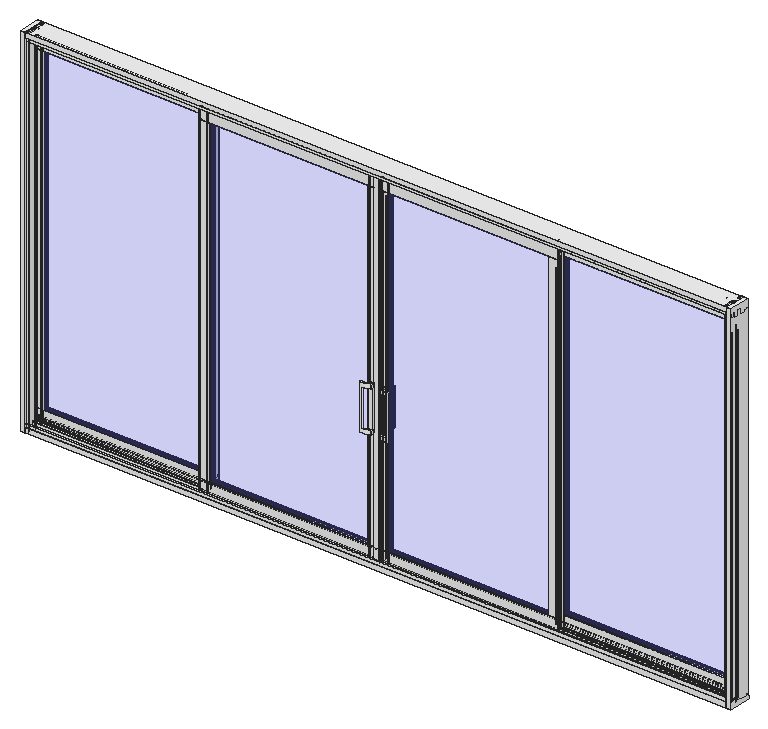
Revit family "Patio-Door_Victorian_OXYO-Double-Glaze-rev3_Novatech", category Doors, host Wall, Revit 2026 (continued)
Definition of nested family "NOVATECH VICTORIAN_OXYO DOUBLE GLAZE REV3_SASH_O_LEFT"
  Definition of nested family "NOVATECH_650_3 LIGHT_OXO_SASH_X_RIGHT"
    Forms (in)
      Extrusion 1, solid, material <- "Frame Material"
        sketch origin (0, 0, 0) x (1, 0, 0) y (0, 1, 0)
          loop
            line (1.595, 2.375) -> (1.3625, 2.375) -> (1.3625, 2.31) -> (1.4325, 2.31) -> (1.4325, 2.1) -> (1.3625, 2.1) -> (1.3625, 2.035) -> (1.4325, 2.035) -> (1.4325, 1.75) -> (0.1925, 1.75) -> (0.1925, 2.035) -> (0.2625, 2.035) -> (0.2625, 2.1) -> (0.1925, 2.1) -> (0.1925, 2.31) -> (0.2625, 2.31) -> (0.2625, 2.375) -> (0.03, 2.375)
            arc (0.03, 2.375) -> (0.00879, 2.36621) -> (0, 2.345) r 0.03
            line (0, 2.345) -> (0, 0.075)
            arc (0, 0.075) -> (0.02197, 0.02197) -> (0.075, 0) r 0.075
            line (0.075, 0) -> (0.1875, 0)
        from 0 to 79.5
    Dimensions and locks (in)
      "Length": plane 4 to level
      aligned and locked: plane 2 to level
      aligned and locked: Extrusion 1 to level
      aligned and locked: plane 4 to Extrusion 1
    Automatic sketch dimensions
      Extrusion 1 sketch curve to Extrusion 1 sketch curve = 0"  (x12)
      Extrusion 1 sketch curve to plane 3 "Center (Left/Right)" = 0"
      Extrusion 1 sketch curve to Extrusion 1 sketch curve = 0.03"  (x2)
      Extrusion 1 sketch curve to Extrusion 1 sketch curve = 0.075"  (x2)
      Extrusion 1 sketch curve to Extrusion 1 sketch curve = 0.005"  (x2)
      Extrusion 1 sketch curve to Extrusion 1 sketch curve = 0.02101"
      Extrusion 1 sketch curve to Extrusion 1 sketch curve = 0.09295"
      Extrusion 1 sketch curve to Extrusion 1 sketch curve = 0.01455"  (x2)
      Extrusion 1 sketch curve to Extrusion 1 sketch curve = 0.1625"  (x2)
      Extrusion 1 sketch curve to Extrusion 1 sketch curve = 0.07"  (x3)
      Extrusion 1 sketch curve to Extrusion 1 sketch curve = 1.1"
      Extrusion 1 sketch curve to Extrusion 1 sketch curve = 1 1/4"
      Extrusion 1 sketch curve to Extrusion 1 sketch curve = 0.01846"
      Extrusion 1 sketch curve to Extrusion 1 sketch curve = 0.06033"
      Extrusion 1 sketch curve to Extrusion 1 sketch curve = 0.07357"
      Extrusion 1 sketch curve to Extrusion 1 sketch curve = 0.01547"  (x2)
      Extrusion 1 sketch curve to Extrusion 1 sketch curve = 0.13217"
      Extrusion 1 sketch curve to Extrusion 1 sketch curve = 0.32761"
      Extrusion 1 sketch curve to Extrusion 1 sketch curve = 0.01489"
      Extrusion 1 sketch curve to Extrusion 1 sketch curve = 0.02381"
      Extrusion 1 sketch curve to Extrusion 1 sketch curve = 0.02467"
      Extrusion 1 sketch curve to Extrusion 1 sketch curve = 0.4475"
      Extrusion 1 sketch curve to Extrusion 1 sketch curve = 0.05514"
      Extrusion 1 sketch curve to Extrusion 1 sketch curve = 0.065"  (x3)
      Extrusion 1 sketch curve to Extrusion 1 sketch curve = 0.01271"
      Extrusion 1 sketch curve to Extrusion 1 sketch curve = 0.01499"
      Extrusion 1 sketch curve to Extrusion 1 sketch curve = 0.05119"
      Extrusion 1 sketch curve to Extrusion 1 sketch curve = 0.05033"
      Extrusion 1 sketch curve to Extrusion 1 sketch curve = 0.04989"
      Extrusion 1 sketch curve to Extrusion 1 sketch curve = 0.17584"
      Extrusion 1 sketch curve to Extrusion 1 sketch curve = 0.0325"  (x2)
      Extrusion 1 sketch curve to Extrusion 1 sketch curve = 0.45868"
      Extrusion 1 sketch curve to Extrusion 1 sketch curve = 0.00045"
      Extrusion 1 sketch curve to Extrusion 1 sketch curve = 0.00626"
      Extrusion 1 sketch curve to Extrusion 1 sketch curve = 0.00837"
      Extrusion 1 sketch curve to Extrusion 1 sketch curve = 0.15209"
      Extrusion 1 sketch curve to Extrusion 1 sketch curve = 0.0089"
      Extrusion 1 sketch curve to Extrusion 1 sketch curve = 1/128"
      Extrusion 1 sketch curve to Extrusion 1 sketch curve = 0.01808"
      Extrusion 1 sketch curve to Extrusion 1 sketch curve = 0.07733"
      Extrusion 1 sketch curve to Extrusion 1 sketch curve = 0.15371"
      Extrusion 1 sketch curve to Extrusion 1 sketch curve = 0.16941"
      Extrusion 1 sketch curve to Extrusion 1 sketch curve = 0.03248"
      Extrusion 1 sketch curve to Extrusion 1 sketch curve = 0.29903"
      Extrusion 1 sketch curve to Extrusion 1 sketch curve = 0.17245"
      Extrusion 1 sketch curve to Extrusion 1 sketch curve = 0.05549"
      Extrusion 1 sketch curve to Extrusion 1 sketch curve = 0.00062"
      Extrusion 1 sketch curve to Extrusion 1 sketch curve = 0.23466"
      Extrusion 1 sketch curve to Extrusion 1 sketch curve = 0.285"  (x2)
      Extrusion 1 sketch curve to Extrusion 1 sketch curve = 0.21"  (x2)
      Extrusion 1 sketch curve to Extrusion 1 sketch curve = 0.035"  (x2)
      Extrusion 1 sketch curve to Extrusion 1 sketch curve = 0.05951"
      plane 1 "Center (Front/Back)" to Extrusion 1 sketch curve = 0"
Definition of nested family "NOVATECH VICTORIAN_OXYO DOUBLE GLAZE REV3_SASH_O_RIGHT"
  Parameters (values of type "SASH_O_RIGHT")
    Width = 34.62305"
    Panel Material = none
    Height = 91 3/4"
    Frame Material = none
    Default Elevation = 0"
  Reference planes (in)
    plane 1 "Center (Front/Back)": y = 0
    plane 2: z = 0
    plane 3 "Center (Left/Right)": x = 0
    plane 4: x = 17.31152
    plane 5: x = -17.31152
    plane 6: z = 91.75
    plane 7: y = 0.8125
  Forms (in)
    Extrusion 1, solid, material <- "Panel Material"
      sketch origin (53.05518, -3.44347, -6.62158) x (1, 0, 0) y (0, 1, 0)
        loop
          line (-69.8042, 4.71972) -> (-69.8042, 3.79222) -> (-37.36866, 3.79222) -> (-37.36866, 4.71972) -> (-69.8042, 4.71972)
      from 9.10158 to 95.89158
  Dimensions and locks (in)
    "Height": plane 6 to level
    "Width": plane 4 to plane 5
    equal spacing: plane 4, plane 3 "Center (Left/Right)", plane 5
    level to plane 2 = 0"
    locked: plane 6 to Extrusion 1 at 2.48
    locked: Extrusion 1 to level at 2.48
    locked: Extrusion 1 to plane 4 at 1.625
    locked: plane 5 to Extrusion 1 at 0.5625
    locked: nested 3 to plane 5 at 1.0625
    locked: nested 2 to plane 5 at 1.0625
    locked: Extrusion 1 sketch curve to Extrusion 1 sketch curve at 0.9275
    locked: Extrusion 1 to plane 1 "Center (Front/Back)" at 0.34875
    aligned and locked: level to nested 1
    aligned and locked: nested 1 to plane 1 "Center (Front/Back)"
    aligned and locked: nested 1 to plane 4
    aligned and locked: nested 2 to plane 1 "Center (Front/Back)"
    aligned and locked: level to nested 2
    aligned and locked: plane 6 to nested 3
    aligned and locked: plane 1 "Center (Front/Back)" to nested 3
    aligned and locked: plane 4 to nested 3
    aligned and locked: plane 4 to nested 2
    aligned and locked: level to nested 4
    aligned and locked: nested 4 to plane 1 "Center (Front/Back)"
    aligned and locked: plane 5 to nested 4
    aligned and locked: nested 4 to plane 6
    aligned and locked: nested 1 to plane 6
  Automatic sketch dimensions
    plane 5 to Extrusion 1 sketch curve = 9/16"
    Extrusion 1 sketch curve to plane 7 = 0.46375"
    Extrusion 1 sketch curve to plane 4 = 1 5/8"
  Nested families (in)
    nested 1: "NOVATECH_650_3 LIGHT_OXO_SASH_O_RIGHT1" at (17.31152, 1.625, 4.05469) x (0, -1, 0) z (0, 0, 1), type "O_RIGHT"
      with Length 91 3/4"
    nested 2: "NOVATECH_650_3 LIGHT_OXO_SASH_O_SILL1" at (17.31152, 1.625, 0) x (-1, 0, 0) z (0, 0, 1), type "O SILL"
      with built-in parameter 1001306 2.9738 (stored number, unit not read)
    nested 3: "NOVATECH_650_3 LIGHT_OXO_SASH_O_HEADER1" at (-18.37402, 1.625, 88.625), type "O_HEADER"
      with built-in parameter 1001306 2.9738 (stored number, unit not read)
    nested 4: "NOVATECH_650_3 LIGHT_OXO_SASH_O_LEFT" at (-18.49902, 1.625, -6) x (0, 1, 0) z (0, 0, 1), type "O LEFT"
      with Length 91 3/4"
  Definition of nested family "NOVATECH_650_3 LIGHT_OXO_SASH_O_RIGHT1"
    Parameters (values of type "O_RIGHT")
      Length [instance] = 96"
      Frame Material = none
      Default Elevation = 0"
    Reference planes (in)
      plane 1 "Center (Front/Back)": y = 0
      plane 2: z = -4.05469
      plane 3 "Center (Left/Right)": x = 0
      plane 4: z = 91.94531
      plane 5: y = 1
    Forms (in)
      Extrusion 1, solid, material <- "Frame Material"
        sketch origin (0, 0, 0) x (1, 0, 0) y (0, 1, 0)
          loop
            line (0, 2.22) -> (0, 0.125)
            arc (0, 0.125) -> (0.03661, 0.03661) -> (0.125, 0) r 0.125
            line (0.125, 0) -> (1.5, 0)
            arc (1.5, 0) -> (1.58839, 0.03661) -> (1.625, 0.125) r 0.125
            line (1.625, 0.125) -> (1.625, 2.22)
            arc (1.625, 2.22) -> (1.61621, 2.24121) -> (1.595, 2.25) r 0.03
            line (1.595, 2.25) -> (1.3625, 2.25) -> (1.3625, 2.185) -> (1.4325, 2.185) -> (1.4325, 1.975) -> (1.3625, 1.975) -> (1.3625, 1.91) -> (1.4325, 1.91) -> (1.4325, 1.625) -> (0.1925, 1.625) -> (0.1925, 1.91) -> (0.2625, 1.91) -> (0.2625, 1.975) -> (0.1925, 1.975) -> (0.1925, 2.185) -> (0.2625, 2.185) -> (0.2625, 2.25) -> (0.03, 2.25)
            arc (0.03, 2.25) -> (0.00879, 2.24121) -> (0, 2.22) r 0.03
        from -4.05469 to 91.94531
    Dimensions and locks (in)
      "Length": plane 4 to plane 2
      aligned and locked: plane 4 to Extrusion 1
      aligned and locked: Extrusion 1 to plane 2
    Automatic sketch dimensions
      plane 1 "Center (Front/Back)" to Extrusion 1 sketch curve = 0"
      Extrusion 1 sketch curve to plane 1 "Center (Front/Back)" = 1/8"  (x2)
      Extrusion 1 sketch curve to plane 3 "Center (Left/Right)" = 0"
      Extrusion 1 sketch curve to Extrusion 1 sketch curve = 0.03"  (x2)
      Extrusion 1 sketch curve to Extrusion 1 sketch curve = 0.1625"
      Extrusion 1 sketch curve to Extrusion 1 sketch curve = 0"  (x3)
      Extrusion 1 sketch curve to Extrusion 1 sketch curve = 0.07"  (x3)
      plane 3 "Center (Left/Right)" to Extrusion 1 sketch curve = 1.3625"
      plane 3 "Center (Left/Right)" to Extrusion 1 sketch curve = 1 1/2"
      Extrusion 1 sketch curve to Extrusion 1 sketch curve = 0.285"  (x2)
      Extrusion 1 sketch curve to Extrusion 1 sketch curve = 0.065"  (x2)
      Extrusion 1 sketch curve to Extrusion 1 sketch curve = 0.21"  (x2)
      Extrusion 1 sketch curve to Extrusion 1 sketch curve = 0.035"  (x2)
      Extrusion 1 sketch curve to Extrusion 1 sketch curve = 1 1/2"
  Definition of nested family "NOVATECH_650_3 LIGHT_OXO_SASH_O_SILL1"
    Parameters (values of type "O SILL")
      built-in parameter 1001306 [instance] = 48"
      Frame Material = none
      Default Elevation = 0"
    Reference planes (in)
      plane 1 "Center (Front/Back)": y = 0
      plane 2: z = 0
      plane 3 "Left": x = 0
      plane 4 "Right": x = 48
    Forms (in)
      Extrusion 1, solid, material <- "Frame Material"
        sketch origin (0, -0.42731, -0.73603) x (0, 1, 0) y (0, 0, 1)
          loop
            line (-0.02019, 2.49503) -> (0.05907, 0.98275)
            arc (0.05907, 0.98275) -> (0.09079, 0.96514) -> (0.10981, 0.99603) r 0.02625
            arc (0.10981, 0.99603) -> (0.13481, 1.01461) -> (0.15981, 0.99603) r 0.02611
            line (0.15981, 0.99603) -> (0.15981, 0.81603)
            arc (0.15981, 0.81603) -> (0.12901, 0.7991) -> (0.10981, 0.82853) r 0.02584
            arc (0.10981, 0.82853) -> (0.08481, 0.84667) -> (0.05981, 0.82853) r 0.0263
            line (0.05981, 0.82853) -> (0.05981, 0.73603) -> (0.39731, 0.73603)
            arc (0.39731, 0.73603) -> (0.41852, 0.74482) -> (0.42731, 0.76603) r 0.03
            line (0.42731, 0.76603) -> (0.42731, 3.83103)
            arc (0.42731, 3.83103) -> (0.41852, 3.85225) -> (0.39731, 3.86103) r 0.03
            line (0.39731, 3.86103) -> (0.15981, 3.86103) -> (0.15981, 3.79603) -> (0.18481, 3.77103) -> (0.18481, 3.62603) -> (0.15981, 3.60103) -> (0.15981, 3.54603) -> (0.18481, 3.52103) -> (0.18481, 3.14103) -> (0.07856, 3.14103) -> (0.07856, 3.21603) -> (0.01356, 3.21603) -> (0.01356, 3.14103) -> (-0.35269, 3.14103) -> (-0.35269, 3.21603) -> (-0.41769, 3.21603) -> (-0.41769, 3.14103) -> (-0.78394, 3.14103) -> (-0.78394, 3.21603) -> (-0.84894, 3.21603) -> (-0.84894, 3.14103) -> (-0.95519, 3.14103) -> (-0.95519, 3.52103) -> (-0.93019, 3.54603) -> (-0.93019, 3.60103) -> (-0.95519, 3.62603) -> (-0.95519, 3.77103) -> (-0.93019, 3.79603) -> (-0.93019, 3.86103) -> (-1.16769, 3.86103)
            arc (-1.16769, 3.86103) -> (-1.1889, 3.85225) -> (-1.19769, 3.83103) r 0.03
            line (-1.19769, 3.83103) -> (-1.19769, 0.76603)
            arc (-1.19769, 0.76603) -> (-1.1889, 0.74482) -> (-1.16769, 0.73603) r 0.03
            line (-1.16769, 0.73603) -> (-0.83019, 0.73603) -> (-0.83019, 0.82853)
            arc (-0.83019, 0.82853) -> (-0.85519, 0.84667) -> (-0.88019, 0.82853) r 0.0263
            arc (-0.88019, 0.82853) -> (-0.89939, 0.7991) -> (-0.93019, 0.81603) r 0.02584
            line (-0.93019, 0.81603) -> (-0.93019, 0.99603)
            arc (-0.93019, 0.99603) -> (-0.90519, 1.01461) -> (-0.88019, 0.99603) r 0.02611
            arc (-0.88019, 0.99603) -> (-0.86117, 0.96514) -> (-0.82944, 0.98275) r 0.02625
            line (-0.82944, 0.98275) -> (-0.75019, 2.49503) -> (-0.75019, 2.75103) -> (-0.02019, 2.75103) -> (-0.02019, 2.49503)
          loop
            arc (-1.17509, 0.71158) -> (-1.23166, 0.68815) -> (-1.25509, 0.63158) r 0.08
            line (-1.25509, 0.63158) -> (-1.25509, 0.06332) -> (-1.18509, 0.06332) -> (-1.18509, 0.20848) -> (0.39491, -0.01358) -> (0.39491, -0.16492) -> (0.50991, -0.16492) -> (0.50991, -0.10188) -> (0.46491, -0.09556) -> (0.46491, 0.63158)
            arc (0.46491, 0.63158) -> (0.44148, 0.68815) -> (0.38491, 0.71158) r 0.08
            line (0.38491, 0.71158) -> (0.03055, 0.71158) -> (-0.01286, 1.23376)
            arc (-0.01286, 1.23376) -> (-0.03771, 1.24936) -> (-0.06256, 1.23376) r 0.02759
            arc (-0.06256, 1.23376) -> (-0.06447, 1.21696) -> (-0.07643, 1.20502) r 0.0256
            line (-0.07643, 1.20502) -> (-0.12759, 1.20502)
            arc (-0.12759, 1.20502) -> (-0.14373, 1.22589) -> (-0.12759, 1.24676) r 0.02157
            arc (-0.12759, 1.24676) -> (-0.11094, 1.2683) -> (-0.12759, 1.28984) r 0.02225
            arc (-0.12759, 1.28984) -> (-0.14334, 1.31021) -> (-0.12759, 1.33058) r 0.02105
            arc (-0.12759, 1.33058) -> (-0.11081, 1.35228) -> (-0.12759, 1.37399) r 0.02243
            arc (-0.12759, 1.37399) -> (-0.14811, 1.3945) -> (-0.12759, 1.41502) r 0.02052
            line (-0.12759, 1.41502) -> (-0.07781, 1.41502)
            arc (-0.07781, 1.41502) -> (-0.06215, 1.40572) -> (-0.06281, 1.38752) r 0.01784
            arc (-0.06281, 1.38752) -> (-0.03781, 1.37001) -> (-0.01281, 1.38752) r 0.0266
            line (-0.01281, 1.38752) -> (-0.01281, 1.45502)
            arc (-0.01281, 1.45502) -> (-0.0216, 1.47623) -> (-0.04281, 1.48502) r 0.03
            line (-0.04281, 1.48502) -> (-0.18259, 1.48502)
            arc (-0.18259, 1.48502) -> (-0.20381, 1.47623) -> (-0.21259, 1.45502) r 0.03
            line (-0.21259, 1.45502) -> (-0.21259, 1.23502) -> (-0.56259, 1.23502) -> (-0.56259, 1.45502)
            arc (-0.56259, 1.45502) -> (-0.57138, 1.47623) -> (-0.59259, 1.48502) r 0.03
            line (-0.59259, 1.48502) -> (-0.73238, 1.48502)
            arc (-0.73238, 1.48502) -> (-0.75359, 1.47623) -> (-0.76238, 1.45502) r 0.03
            line (-0.76238, 1.45502) -> (-0.76238, 1.38752)
            arc (-0.76238, 1.38752) -> (-0.73738, 1.37001) -> (-0.71238, 1.38752) r 0.0266
            arc (-0.71238, 1.38752) -> (-0.71304, 1.40572) -> (-0.69738, 1.41502) r 0.01784
            line (-0.69738, 1.41502) -> (-0.64759, 1.41502)
            arc (-0.64759, 1.41502) -> (-0.62708, 1.3945) -> (-0.64759, 1.37399) r 0.02052
            arc (-0.64759, 1.37399) -> (-0.66438, 1.35228) -> (-0.64759, 1.33058) r 0.02243
            arc (-0.64759, 1.33058) -> (-0.63184, 1.31021) -> (-0.64759, 1.28984) r 0.02105
            arc (-0.64759, 1.28984) -> (-0.66425, 1.2683) -> (-0.64759, 1.24676) r 0.02225
            arc (-0.64759, 1.24676) -> (-0.63145, 1.22589) -> (-0.64759, 1.20502) r 0.02157
            line (-0.64759, 1.20502) -> (-0.69875, 1.20502)
            arc (-0.69875, 1.20502) -> (-0.71072, 1.21696) -> (-0.71263, 1.23376) r 0.0256
            arc (-0.71263, 1.23376) -> (-0.73748, 1.24936) -> (-0.76233, 1.23376) r 0.02759
            line (-0.76233, 1.23376) -> (-0.80565, 0.7126) -> (-1.1725, 0.7126)
        from 0 to 48
    Lines and regions (in)
      reference lines
        curve 1: line (0, 0.91091, 0) -> (48, 0.91091, 0)
    Dimensions and locks (in)
      "built-in parameter 1001306": plane 3 "Left" to plane 4 "Right"
      aligned and locked: plane 4 "Right" to curve 1
      aligned and locked: plane 3 "Left" to curve 1
      aligned and locked: level to plane 2
      aligned and locked: Extrusion 1 to plane 3 "Left"
      aligned and locked: plane 4 "Right" to Extrusion 1
    Automatic sketch dimensions
      curve 1 to plane 1 "Center (Front/Back)" = 0.91091"
      plane 1 "Center (Front/Back)" to Extrusion 1 sketch curve = 1.6824"
      Extrusion 1 sketch curve to Extrusion 1 sketch curve = 0.0574"
      Extrusion 1 sketch curve to Extrusion 1 sketch curve = 0.07"
      Extrusion 1 sketch curve to Extrusion 1 sketch curve = 0.08"  (x4)
      Extrusion 1 sketch curve to Extrusion 1 sketch curve = 0.03"  (x8)
      Extrusion 1 sketch curve to Extrusion 1 sketch curve = 0.2125"  (x2)
      Extrusion 1 sketch curve to Extrusion 1 sketch curve = 0"  (x7)
      Extrusion 1 sketch curve to Extrusion 1 sketch curve = 0.025"  (x14)
      Extrusion 1 sketch curve to Extrusion 1 sketch curve = 0.2375"
      Extrusion 1 sketch curve to Extrusion 1 sketch curve = 0.02453"  (x2)
      Extrusion 1 sketch curve to Extrusion 1 sketch curve = 0.05047"  (x2)
      Extrusion 1 sketch curve to Extrusion 1 sketch curve = 0.05067"  (x2)
      Extrusion 1 sketch curve to Extrusion 1 sketch curve = 0.10625"
      Extrusion 1 sketch curve to Extrusion 1 sketch curve = 0.02507"  (x2)
      Extrusion 1 sketch curve to Extrusion 1 sketch curve = 0.02454"
      Extrusion 1 sketch curve to Extrusion 1 sketch curve = 0.065"  (x3)
      Extrusion 1 sketch curve to Extrusion 1 sketch curve = 0.09214"
      Extrusion 1 sketch curve to Extrusion 1 sketch curve = 0.00005"
      Extrusion 1 sketch curve to Extrusion 1 sketch curve = 0.03375"
      Extrusion 1 sketch curve to Extrusion 1 sketch curve = 0.02485"  (x2)
      Extrusion 1 sketch curve to Extrusion 1 sketch curve = 0.03872"  (x2)
      Extrusion 1 sketch curve to Extrusion 1 sketch curve = 0.04"  (x4)
      Extrusion 1 sketch curve to Extrusion 1 sketch curve = 0.01109"  (x2)
      Extrusion 1 sketch curve to Extrusion 1 sketch curve = 0.03464"  (x2)
      Extrusion 1 sketch curve to Extrusion 1 sketch curve = 0.00013"
      Extrusion 1 sketch curve to Extrusion 1 sketch curve = 0.04978"  (x2)
      Extrusion 1 sketch curve to Extrusion 1 sketch curve = 0.00543"  (x2)
      Extrusion 1 sketch curve to Extrusion 1 sketch curve = 0.0109"  (x2)
      Extrusion 1 sketch curve to Extrusion 1 sketch curve = 0.00564"  (x2)
      Extrusion 1 sketch curve to Extrusion 1 sketch curve = 0.055"  (x3)
      Extrusion 1 sketch curve to Extrusion 1 sketch curve = 0.36625"  (x2)
      Extrusion 1 sketch curve to Extrusion 1 sketch curve = 0.35"
      Extrusion 1 sketch curve to Extrusion 1 sketch curve = 0.04936"
      Extrusion 1 sketch curve to Extrusion 1 sketch curve = 0.00004"
      Extrusion 1 sketch curve to Extrusion 1 sketch curve = 0.0056"
      Extrusion 1 sketch curve to Extrusion 1 sketch curve = 0.035"
      Extrusion 1 sketch curve to Extrusion 1 sketch curve = 0.3325"
      Extrusion 1 sketch curve to Extrusion 1 sketch curve = 0.10698"
      Extrusion 1 sketch curve to Extrusion 1 sketch curve = 0.09677"
      Extrusion 1 sketch curve to Extrusion 1 sketch curve = 0.02926"
      Extrusion 1 sketch curve to Extrusion 1 sketch curve = 0.08125"
      Extrusion 1 sketch curve to Extrusion 1 sketch curve = 0.2251"
      Extrusion 1 sketch curve to Extrusion 1 sketch curve = 0.01"
      Extrusion 1 sketch curve to Extrusion 1 sketch curve = 0.0124"
      Extrusion 1 sketch curve to Extrusion 1 sketch curve = 0.045"
      Extrusion 1 sketch curve to level = 0.90095"
      Extrusion 1 sketch curve to Extrusion 1 sketch curve = 0.06304"
      Extrusion 1 sketch curve to Extrusion 1 sketch curve = 0.00632"
      Extrusion 1 sketch curve to Extrusion 1 sketch curve = 0.08198"
      Extrusion 1 sketch curve to level = 0.67271"
      Extrusion 1 sketch curve to Extrusion 1 sketch curve = 0.14516"
      Extrusion 1 sketch curve to Extrusion 1 sketch curve = 0.4231"
      Extrusion 1 sketch curve to Extrusion 1 sketch curve = 0.64516"
      Extrusion 1 sketch curve to Extrusion 1 sketch curve = 0.00102"
      Extrusion 1 sketch curve to Extrusion 1 sketch curve = 0.02445"
      Extrusion 1 sketch curve to Extrusion 1 sketch curve = 3/128"
      Extrusion 1 sketch curve to Extrusion 1 sketch curve = 0.00434"  (x2)
      Extrusion 1 sketch curve to Extrusion 1 sketch curve = 0.00813"  (x2)
      Extrusion 1 sketch curve to Extrusion 1 sketch curve = 0.00816"  (x2)
      Extrusion 1 sketch curve to Extrusion 1 sketch curve = 0.15421"  (x2)
      Extrusion 1 sketch curve to Extrusion 1 sketch curve = 0.00575"  (x2)
      Extrusion 1 sketch curve to Extrusion 1 sketch curve = 0.00779"  (x2)
      Extrusion 1 sketch curve to Extrusion 1 sketch curve = 0.00753"  (x2)
      Extrusion 1 sketch curve to Extrusion 1 sketch curve = 0.22227"  (x2)
      Extrusion 1 sketch curve to Extrusion 1 sketch curve = 0.01675"  (x2)
      Extrusion 1 sketch curve to Extrusion 1 sketch curve = 0.02087"  (x2)
      Extrusion 1 sketch curve to Extrusion 1 sketch curve = 0.02308"  (x2)
      Extrusion 1 sketch curve to Extrusion 1 sketch curve = 0.01199"  (x2)
      Extrusion 1 sketch curve to Extrusion 1 sketch curve = 0.04241"  (x2)
      Extrusion 1 sketch curve to Extrusion 1 sketch curve = 0.04191"  (x2)
      Extrusion 1 sketch curve to Extrusion 1 sketch curve = 0.04207"  (x2)
      Extrusion 1 sketch curve to Extrusion 1 sketch curve = 0.03524"  (x2)
      Extrusion 1 sketch curve to Extrusion 1 sketch curve = 0.04222"  (x2)
      Extrusion 1 sketch curve to Extrusion 1 sketch curve = 0.0091"  (x2)
      Extrusion 1 sketch curve to Extrusion 1 sketch curve = 0.00056"  (x2)
      Extrusion 1 sketch curve to Extrusion 1 sketch curve = 0.02052"  (x2)
      Extrusion 1 sketch curve to Extrusion 1 sketch curve = 1.01001"
      Extrusion 1 sketch curve to Extrusion 1 sketch curve = 0.25601"
      Extrusion 1 sketch curve to Extrusion 1 sketch curve = 0.39"  (x2)
      Extrusion 1 sketch curve to Extrusion 1 sketch curve = 0.075"  (x3)
      Extrusion 1 sketch curve to Extrusion 1 sketch curve = 0.305"  (x2)
      Extrusion 1 sketch curve to Extrusion 1 sketch curve = 0.145"  (x2)
      Extrusion 1 sketch curve to Extrusion 1 sketch curve = 0.06"  (x2)
      Extrusion 1 sketch curve to Extrusion 1 sketch curve = 0.0026"
      Extrusion 1 sketch curve to Extrusion 1 sketch curve = 0.0053"  (x2)
  Definition of nested family "NOVATECH_650_3 LIGHT_OXO_SASH_O_HEADER1"
    Parameters (values of type "O_HEADER")
      built-in parameter 1001306 [instance] = 54"
      Frame Material = none
      Default Elevation = 0"
    Reference planes (in)
      plane 1 "Center (Front/Back)": y = 0
      plane 2: z = 0
      plane 3 "Left": x = 0
      plane 4 "Right": x = 54
      plane 5: z = 3.125
    Forms (in)
      Extrusion 1, solid, material <- "Frame Material"
        sketch origin (0, 0, 0) x (0, 1, 0) y (0, 0, 1)
          loop
            arc (0, 3.095) -> (-0.00879, 3.11621) -> (-0.03, 3.125) r 0.03
            line (-0.03, 3.125) -> (-0.3675, 3.125) -> (-0.3675, 3.0325)
            arc (-0.3675, 3.0325) -> (-0.33671, 3.01561) -> (-0.3175, 3.045) r 0.02585
            arc (-0.3175, 3.045) -> (-0.2925, 3.06323) -> (-0.2675, 3.045) r 0.02626
            line (-0.2675, 3.045) -> (-0.2675, 2.865)
            arc (-0.2675, 2.865) -> (-0.2925, 2.84807) -> (-0.3175, 2.865) r 0.02693
            arc (-0.3175, 2.865) -> (-0.3372, 2.89332) -> (-0.36824, 2.87829) r 0.02655
            line (-0.36824, 2.87829) -> (-0.4475, 1.36601) -> (-0.4475, 1.11) -> (-1.1775, 1.11) -> (-1.1775, 1.36601) -> (-1.25676, 2.87829)
            arc (-1.25676, 2.87829) -> (-1.2878, 2.89332) -> (-1.3075, 2.865) r 0.02655
            arc (-1.3075, 2.865) -> (-1.3325, 2.84807) -> (-1.3575, 2.865) r 0.02693
            line (-1.3575, 2.865) -> (-1.3575, 3.045)
            arc (-1.3575, 3.045) -> (-1.3325, 3.06323) -> (-1.3075, 3.045) r 0.02626
            arc (-1.3075, 3.045) -> (-1.28829, 3.01561) -> (-1.2575, 3.0325) r 0.02585
            line (-1.2575, 3.0325) -> (-1.2575, 3.125) -> (-1.595, 3.125)
            arc (-1.595, 3.125) -> (-1.61621, 3.11621) -> (-1.625, 3.095) r 0.03
            line (-1.625, 3.095) -> (-1.625, 0.03)
            arc (-1.625, 0.03) -> (-1.61621, 0.00879) -> (-1.595, 0) r 0.03
            line (-1.595, 0) -> (-1.3575, 0) -> (-1.3575, 0.065) -> (-1.3825, 0.09) -> (-1.3825, 0.235) -> (-1.3575, 0.26) -> (-1.3575, 0.315) -> (-1.3825, 0.34) -> (-1.3825, 0.72) -> (-1.27625, 0.72) -> (-1.27625, 0.645) -> (-1.21125, 0.645) -> (-1.21125, 0.72) -> (-0.845, 0.72) -> (-0.845, 0.645) -> (-0.78, 0.645) -> (-0.78, 0.72) -> (-0.41375, 0.72) -> (-0.41375, 0.645) -> (-0.34875, 0.645) -> (-0.34875, 0.72) -> (-0.2425, 0.72) -> (-0.2425, 0.34) -> (-0.2675, 0.315) -> (-0.2675, 0.26) -> (-0.2425, 0.235) -> (-0.2425, 0.09) -> (-0.2675, 0.065) -> (-0.2675, 0) -> (-0.03, 0)
            arc (-0.03, 0) -> (-0.00879, 0.00879) -> (0, 0.03) r 0.03
            line (0, 0.03) -> (0, 3.095)
        from 0 to 54
    Lines and regions (in)
      reference lines
        curve 1: line (0, 0, 0) -> (54, 0, 0)
    Dimensions and locks (in)
      "built-in parameter 1001306": plane 3 "Left" to plane 4 "Right"
      aligned and locked: plane 4 "Right" to curve 1
      aligned and locked: plane 1 "Center (Front/Back)" to curve 1
      aligned and locked: plane 3 "Left" to curve 1
      aligned and locked: level to plane 2
      aligned and locked: Extrusion 1 to curve 1
      aligned and locked: Extrusion 1 to plane 3 "Left"
    Automatic sketch dimensions
      plane 1 "Center (Front/Back)" to Extrusion 1 sketch curve = 1 5/8"
      Extrusion 1 sketch curve to Extrusion 1 sketch curve = 0.03"  (x3)
      Extrusion 1 sketch curve to Extrusion 1 sketch curve = 0.2125"  (x2)
      Extrusion 1 sketch curve to Extrusion 1 sketch curve = 0"  (x3)
      Extrusion 1 sketch curve to Extrusion 1 sketch curve = 0.025"  (x12)
      Extrusion 1 sketch curve to Extrusion 1 sketch curve = 0.2375"  (x2)
      Extrusion 1 sketch curve to Extrusion 1 sketch curve = 0.05048"  (x2)
      Extrusion 1 sketch curve to Extrusion 1 sketch curve = 0.05142"  (x2)
      Extrusion 1 sketch curve to Extrusion 1 sketch curve = 0.10625"  (x2)
      Extrusion 1 sketch curve to Extrusion 1 sketch curve = 0.02452"  (x2)
      Extrusion 1 sketch curve to Extrusion 1 sketch curve = 0.02432"  (x2)
      Extrusion 1 sketch curve to Extrusion 1 sketch curve = 0.065"  (x3)
      Extrusion 1 sketch curve to Extrusion 1 sketch curve = 0.03375"
      Extrusion 1 sketch curve to Extrusion 1 sketch curve = 0.36625"  (x2)
      Extrusion 1 sketch curve to Extrusion 1 sketch curve = 0.3325"
      Extrusion 1 sketch curve to Extrusion 1 sketch curve = 0.88851"
      Extrusion 1 sketch curve to Extrusion 1 sketch curve = 0.00074"
      Extrusion 1 sketch curve to Extrusion 1 sketch curve = 0.08125"
      Extrusion 1 sketch curve to Extrusion 1 sketch curve = 0.06"
      Extrusion 1 sketch curve to Extrusion 1 sketch curve = 0.035"
      Extrusion 1 sketch curve to Extrusion 1 sketch curve = 0.145"  (x2)
      Extrusion 1 sketch curve to Extrusion 1 sketch curve = 0.08"
      Extrusion 1 sketch curve to Extrusion 1 sketch curve = 0.055"
      Extrusion 1 sketch curve to Extrusion 1 sketch curve = 0.465"
      Extrusion 1 sketch curve to Extrusion 1 sketch curve = 0.305"  (x2)
      Extrusion 1 sketch curve to Extrusion 1 sketch curve = 0.075"  (x4)
      Extrusion 1 sketch curve to Extrusion 1 sketch curve = 0.01329"  (x2)
      Extrusion 1 sketch curve to Extrusion 1 sketch curve = 0.00263"
      Extrusion 1 sketch curve to Extrusion 1 sketch curve = 0.01066"  (x2)
      Extrusion 1 sketch curve to Extrusion 1 sketch curve = 0.01"  (x2)
      Extrusion 1 sketch curve to Extrusion 1 sketch curve = 0.15421"  (x2)
      Extrusion 1 sketch curve to Extrusion 1 sketch curve = 0.00447"  (x2)
      Extrusion 1 sketch curve to Extrusion 1 sketch curve = 0.00818"  (x2)
      Extrusion 1 sketch curve to Extrusion 1 sketch curve = 0.00803"  (x2)
      Extrusion 1 sketch curve to Extrusion 1 sketch curve = 0.05"  (x2)
      Extrusion 1 sketch curve to level = 0"  (x2)
      Extrusion 1 sketch curve to Extrusion 1 sketch curve = 0.25601"  (x2)
      Extrusion 1 sketch curve to Extrusion 1 sketch curve = 1.49899"
  Definition of nested family "NOVATECH_650_3 LIGHT_OXO_SASH_O_LEFT"
    Parameters (values of type "O LEFT")
      Length [instance] = 91 121/128"
      Frame Material = none
      Default Elevation = 0"
    Reference planes (in)
      plane 1 "Center (Front/Back)": y = 0
      plane 2: z = 6
      plane 3 "Center (Left/Right)": x = 0
      plane 4: z = 97.94531
      plane 5: y = 1.1875
    Forms (in)
      Extrusion 1, solid, material <- "Frame Material"
        sketch origin (0, 0, 0) x (1, 0, 0) y (0, 1, 0)
          loop
            line (-0.1875, 0) -> (-0.075, 0)
            arc (-0.075, 0) -> (-0.02197, 0.02197) -> (0, 0.075) r 0.075
            line (0, 0.075) -> (0, 2.345)
            arc (0, 2.345) -> (-0.00879, 2.36621) -> (-0.03, 2.375) r 0.03
            line (-0.03, 2.375) -> (-0.2625, 2.375) -> (-0.2625, 2.31) -> (-0.1925, 2.31) -> (-0.1925, 2.1) -> (-0.2625, 2.1) -> (-0.2625, 2.035) -> (-0.1925, 2.035) -> (-0.1925, 1.75) -> (-1.4325, 1.75) -> (-1.4325, 2.035) -> (-1.3625, 2.035) -> (-1.3625, 2.1) -> (-1.4325, 2.1) -> (-1.4325, 2.31) -> (-1.3625, 2.31) -> (-1.3625, 2.375) -> (-1.595, 2.375)
            arc (-1.595, 2.375) -> (-1.61621, 2.36621) -> (-1.625, 2.345) r 0.03
            line (-1.625, 2.345) -> (-1.625, 0.79) -> (-1.95261, 0.79) -> (-1.95261, 0.94371)
            arc (-1.95261, 0.94371) -> (-1.94334, 1.05262) -> (-1.90863, 1.15627) r 0.46005
            arc (-1.90863, 1.15627) -> (-1.89427, 1.35056) -> (-1.99821, 1.51534) r 0.31129
            arc (-1.99821, 1.51534) -> (-2.01443, 1.5172) -> (-2.02274, 1.50316) r 0.015
            line (-2.02274, 1.50316) -> (-2.02046, 1.44767)
            arc (-2.02046, 1.44767) -> (-1.95467, 1.32289) -> (-1.96814, 1.18247) r 0.24629
            arc (-1.96814, 1.18247) -> (-2.0034, 1.08185) -> (-2.01761, 0.97618) r 0.52505
            line (-2.01761, 0.97618) -> (-2.01761, 0.79) -> (-2.0675, 0.79) -> (-2.0675, 0.69459)
            arc (-2.0675, 0.69459) -> (-2.04077, 0.68186) -> (-2.01563, 0.6975) r 0.03085
            arc (-2.01563, 0.6975) -> (-1.99821, 0.72757) -> (-1.9675, 0.7113) r 0.02505
            line (-1.9675, 0.7113) -> (-1.9675, 0.53368)
            arc (-1.9675, 0.53368) -> (-1.99659, 0.51487) -> (-2.0175, 0.5425) r 0.02545
            arc (-2.0175, 0.5425) -> (-2.0425, 0.5605) -> (-2.0675, 0.5425) r 0.02636
            line (-2.0675, 0.5425) -> (-2.0675, 0.075)
            arc (-2.0675, 0.075) -> (-2.04553, 0.02197) -> (-1.9925, 0) r 0.075
            line (-1.9925, 0) -> (-1.4375, 0)
            arc (-1.4375, 0) -> (-1.41858, 0.0325) -> (-1.4375, 0.065) r 0.03738
            line (-1.4375, 0.065) -> (-1.545, 0.065)
            arc (-1.545, 0.065) -> (-1.56328, 0.095) -> (-1.545, 0.125) r 0.03375
            line (-1.545, 0.125) -> (-0.08, 0.125)
            arc (-0.08, 0.125) -> (-0.062, 0.095) -> (-0.08, 0.065) r 0.034
            line (-0.08, 0.065) -> (-0.1875, 0.065)
            arc (-0.1875, 0.065) -> (-0.20856, 0.0325) -> (-0.1875, 0) r 0.03561
        from 6 to 97.94531
    Dimensions and locks (in)
      "Length": plane 4 to plane 2
      aligned and locked: plane 4 to Extrusion 1
      aligned and locked: Extrusion 1 to plane 2
      aligned and locked: Extrusion 1 to plane 4
    Automatic sketch dimensions
      Extrusion 1 sketch curve to Extrusion 1 sketch curve = 0"  (x13)
      plane 1 "Center (Front/Back)" to Extrusion 1 sketch curve = 0"  (x2)
      Extrusion 1 sketch curve to plane 3 "Center (Left/Right)" = 2.1963"
      Extrusion 1 sketch curve to plane 1 "Center (Front/Back)" = 0.075"
      Extrusion 1 sketch curve to Extrusion 1 sketch curve = 0.1288"
      Extrusion 1 sketch curve to Extrusion 1 sketch curve = 0.025"  (x2)
      Extrusion 1 sketch curve to Extrusion 1 sketch curve = 0.17356"
      Extrusion 1 sketch curve to Extrusion 1 sketch curve = 0.00228"
      Extrusion 1 sketch curve to Extrusion 1 sketch curve = 0.04989"
      Extrusion 1 sketch curve to Extrusion 1 sketch curve = 0.01499"
      Extrusion 1 sketch curve to Extrusion 1 sketch curve = 0.05033"
      Extrusion 1 sketch curve to Extrusion 1 sketch curve = 0.05119"
      Extrusion 1 sketch curve to Extrusion 1 sketch curve = 0.02467"
      Extrusion 1 sketch curve to Extrusion 1 sketch curve = 0.065"  (x3)
      Extrusion 1 sketch curve to Extrusion 1 sketch curve = 0.32761"
      Extrusion 1 sketch curve to Extrusion 1 sketch curve = 0.03"  (x3)
      Extrusion 1 sketch curve to plane 1 "Center (Front/Back)" = 0.065"  (x2)
      Extrusion 1 sketch curve to Extrusion 1 sketch curve = 0.4475"
      Extrusion 1 sketch curve to Extrusion 1 sketch curve = 0.01547"
      Extrusion 1 sketch curve to Extrusion 1 sketch curve = 0.13217"
      Extrusion 1 sketch curve to Extrusion 1 sketch curve = 0.08904"
      Extrusion 1 sketch curve to Extrusion 1 sketch curve = 0.01846"  (x2)
      Extrusion 1 sketch curve to Extrusion 1 sketch curve = 0.1625"  (x2)
      Extrusion 1 sketch curve to Extrusion 1 sketch curve = 0.07"  (x3)
      Extrusion 1 sketch curve to Extrusion 1 sketch curve = 1.1"
      Extrusion 1 sketch curve to Extrusion 1 sketch curve = 1 1/4"
      Extrusion 1 sketch curve to Extrusion 1 sketch curve = 0.01455"
      Extrusion 1 sketch curve to Extrusion 1 sketch curve = 0.09149"
      Extrusion 1 sketch curve to Extrusion 1 sketch curve = 0.01601"  (x2)
      Extrusion 1 sketch curve to Extrusion 1 sketch curve = 0.005"
      Extrusion 1 sketch curve to Extrusion 1 sketch curve = 0.45868"
      Extrusion 1 sketch curve to Extrusion 1 sketch curve = 0.00045"
      Extrusion 1 sketch curve to Extrusion 1 sketch curve = 0.00626"
      Extrusion 1 sketch curve to Extrusion 1 sketch curve = 0.00837"
      Extrusion 1 sketch curve to Extrusion 1 sketch curve = 0.15209"
      Extrusion 1 sketch curve to Extrusion 1 sketch curve = 0.0089"
      Extrusion 1 sketch curve to Extrusion 1 sketch curve = 1/128"
      Extrusion 1 sketch curve to Extrusion 1 sketch curve = 0.01808"
      Extrusion 1 sketch curve to Extrusion 1 sketch curve = 0.07733"
      Extrusion 1 sketch curve to Extrusion 1 sketch curve = 0.15371"
      Extrusion 1 sketch curve to Extrusion 1 sketch curve = 0.16941"
      Extrusion 1 sketch curve to Extrusion 1 sketch curve = 0.03248"
      Extrusion 1 sketch curve to Extrusion 1 sketch curve = 0.00062"
      Extrusion 1 sketch curve to Extrusion 1 sketch curve = 0.285"  (x2)
      Extrusion 1 sketch curve to Extrusion 1 sketch curve = 0.21"  (x2)
      Extrusion 1 sketch curve to Extrusion 1 sketch curve = 0.035"  (x2)
      Extrusion 1 sketch curve to Extrusion 1 sketch curve = 0.29903"
      Extrusion 1 sketch curve to Extrusion 1 sketch curve = 0.17245"
      Extrusion 1 sketch curve to Extrusion 1 sketch curve = 0.05549"
      Extrusion 1 sketch curve to Extrusion 1 sketch curve = 0.23466"
Definition of nested family "NOVATECH VICTORIAN_OXYO DOUBLE GLAZE REV3_SASH_X_RIGHT"
  Parameters (values of type "SASH_O_RIGHT")
    Width = 35.0293"
    Panel Material = none
    Height = 91 3/4"
    Frame Material = none
    Default Elevation = 0"
  Reference planes (in)
    plane 1 "Center (Front/Back)": y = 0
    plane 2: z = 0
    plane 3 "Center (Left/Right)": x = 0
    plane 4: x = 17.29785
    plane 5: x = -17.29785
    plane 6: z = 91.75
    plane 7: y = 0.8125
    plane 8: x = 17.73145
  Forms (in)
    Extrusion 1, solid, material <- "Panel Material"
      sketch origin (53.05518, -3.44347, -6.62158) x (1, 0, 0) y (0, 1, 0)
        loop
          line (-69.79053, 4.71972) -> (-69.79053, 3.79222) -> (-37.38233, 3.79222) -> (-37.38233, 4.71972) -> (-69.79053, 4.71972)
      from 9.10158 to 95.89158
  Dimensions and locks (in)
    "Height": plane 6 to level
    "Width": plane 8 to plane 5
    equal spacing: plane 4, plane 3 "Center (Left/Right)", plane 5
    level to plane 2 = 0"
    locked: plane 6 to Extrusion 1 at 2.48
    locked: Extrusion 1 to level at 2.48
    locked: Extrusion 1 to plane 4 at 1.625
    locked: plane 5 to Extrusion 1 at 0.5625
    locked: nested 3 to plane 5 at 1.0625
    locked: nested 2 to plane 5 at 1.0625
    locked: Extrusion 1 sketch curve to Extrusion 1 sketch curve at 0.9275
    locked: Extrusion 1 to plane 1 "Center (Front/Back)" at 0.34875
    locked: plane 4 to plane 8 at 0.43359
    aligned and locked: level to nested 1
    aligned and locked: nested 1 to plane 1 "Center (Front/Back)"
    aligned and locked: nested 1 to plane 4
    aligned and locked: plane 6 to nested 3
    aligned and locked: plane 1 "Center (Front/Back)" to nested 3
    aligned and locked: plane 4 to nested 3
    aligned and locked: plane 4 to nested 2
    aligned and locked: level to nested 4
    aligned and locked: nested 4 to plane 1 "Center (Front/Back)"
    aligned and locked: plane 5 to nested 4
    aligned and locked: nested 4 to plane 6
    aligned and locked: nested 1 to plane 6
    aligned and locked: level to nested 2
    aligned and locked: nested 2 to plane 1 "Center (Front/Back)"
  Automatic sketch dimensions
    plane 5 to Extrusion 1 sketch curve = 9/16"
    Extrusion 1 sketch curve to plane 7 = 0.46375"
    Extrusion 1 sketch curve to plane 4 = 1 5/8"
  Nested families (in)
    nested 1: "NOVATECH_650_3 LIGHT_OXO_SASH_O_RIGHT1" at (17.29785, 1.625, 4.05469) x (0, -1, 0) z (0, 0, 1), type "O_RIGHT"
      with Length 91 3/4"
    nested 2: "NOVATECH_650_3 LIGHT_OXO_SASH_X_SILL" at (17.29785, 1.625, 0) x (-1, 0, 0) z (0, 0, 1), type "X_SILL"
      with built-in parameter 1001306 2.9715 (stored number, unit not read)
    nested 3: "NOVATECH_650_3 LIGHT_OXO_SASH_O_HEADER1" at (-18.36035, 1.625, 88.625), type "O_HEADER"
      with built-in parameter 1001306 2.9715 (stored number, unit not read)
    nested 4: "NOVATECH_650_3 LIGHT_OXO_SASH_O_LEFT" at (-18.48535, 1.625, -6) x (0, 1, 0) z (0, 0, 1), type "O LEFT"
      with Length 91 3/4"
  Definition of nested family "NOVATECH_650_3 LIGHT_OXO_SASH_O_RIGHT1"
    Parameters (values of type "O_RIGHT")
      Length [instance] = 96"
      Frame Material = none
      Default Elevation = 0"
    Reference planes (in)
      plane 1 "Center (Front/Back)": y = 0
      plane 2: z = -4.05469
      plane 3 "Center (Left/Right)": x = 0
      plane 4: z = 91.94531
      plane 5: y = 1
    Forms (in)
      Extrusion 1, solid, material <- "Frame Material"
        sketch origin (0, 0, 0) x (1, 0, 0) y (0, 1, 0)
          loop
            line (0, 2.22) -> (0, 0.125)
            arc (0, 0.125) -> (0.03661, 0.03661) -> (0.125, 0) r 0.125
            line (0.125, 0) -> (1.5, 0)
            arc (1.5, 0) -> (1.58839, 0.03661) -> (1.625, 0.125) r 0.125
            line (1.625, 0.125) -> (1.625, 2.22)
            arc (1.625, 2.22) -> (1.61621, 2.24121) -> (1.595, 2.25) r 0.03
            line (1.595, 2.25) -> (1.3625, 2.25) -> (1.3625, 2.185) -> (1.4325, 2.185) -> (1.4325, 1.975) -> (1.3625, 1.975) -> (1.3625, 1.91) -> (1.4325, 1.91) -> (1.4325, 1.625) -> (0.1925, 1.625) -> (0.1925, 1.91) -> (0.2625, 1.91) -> (0.2625, 1.975) -> (0.1925, 1.975) -> (0.1925, 2.185) -> (0.2625, 2.185) -> (0.2625, 2.25) -> (0.03, 2.25)
            arc (0.03, 2.25) -> (0.00879, 2.24121) -> (0, 2.22) r 0.03
        from -4.05469 to 91.94531
    Dimensions and locks (in)
      "Length": plane 4 to plane 2
      aligned and locked: plane 4 to Extrusion 1
      aligned and locked: Extrusion 1 to plane 2
    Automatic sketch dimensions
      plane 1 "Center (Front/Back)" to Extrusion 1 sketch curve = 0"
      Extrusion 1 sketch curve to plane 1 "Center (Front/Back)" = 1/8"  (x2)
      Extrusion 1 sketch curve to plane 3 "Center (Left/Right)" = 0"
      Extrusion 1 sketch curve to Extrusion 1 sketch curve = 0.03"  (x2)
      Extrusion 1 sketch curve to Extrusion 1 sketch curve = 0.1625"
      Extrusion 1 sketch curve to Extrusion 1 sketch curve = 0"  (x3)
      Extrusion 1 sketch curve to Extrusion 1 sketch curve = 0.07"  (x3)
      plane 3 "Center (Left/Right)" to Extrusion 1 sketch curve = 1.3625"
      plane 3 "Center (Left/Right)" to Extrusion 1 sketch curve = 1 1/2"
      Extrusion 1 sketch curve to Extrusion 1 sketch curve = 0.285"  (x2)
      Extrusion 1 sketch curve to Extrusion 1 sketch curve = 0.065"  (x2)
      Extrusion 1 sketch curve to Extrusion 1 sketch curve = 0.21"  (x2)
      Extrusion 1 sketch curve to Extrusion 1 sketch curve = 0.035"  (x2)
      Extrusion 1 sketch curve to Extrusion 1 sketch curve = 1 1/2"
  Definition of nested family "NOVATECH_650_3 LIGHT_OXO_SASH_X_SILL"
    Parameters (values of type "X_SILL")
      built-in parameter 1001306 [instance] = 54"
      Frame Material = none
      Default Elevation = 0"
    Reference planes (in)
      plane 1 "Center (Front/Back)": y = 0
      plane 2: z = 0
      plane 3 "Left": x = 0
      plane 4 "Right": x = 54
    Forms (in)
      Extrusion 1, solid, material <- "Frame Material"
        sketch origin (0, 0, 0) x (0, 1, 0) y (0, 0, 1)
          loop
            line (-1.625, 0) -> (-1.2575, 0) -> (-1.2575, 0.0925)
            arc (-1.2575, 0.0925) -> (-1.2825, 0.10976) -> (-1.3075, 0.0925) r 0.02673
            arc (-1.3075, 0.0925) -> (-1.32681, 0.06351) -> (-1.3575, 0.08) r 0.02588
            line (-1.3575, 0.08) -> (-1.3575, 0.26)
            arc (-1.3575, 0.26) -> (-1.32586, 0.27827) -> (-1.30744, 0.24671) r 0.02589
            arc (-1.30744, 0.24671) -> (-1.2821, 0.23049) -> (-1.25676, 0.24671) r 0.02791
            line (-1.25676, 0.24671) -> (-1.19797, 1.36843) -> (-1.16053, 1.36843) -> (-1.16053, 1.0095) -> (-1.00614, 1.0095) -> (-1.00614, 0.94494) -> (-0.96965, 0.94494) -> (-0.96965, 0.65862) -> (-0.93597, 0.65862) -> (-0.93597, 1.0095) -> (-0.68615, 1.0095) -> (-0.68615, 0.65862) -> (-0.65246, 0.65862) -> (-0.65246, 0.94494) -> (-0.61886, 0.94494) -> (-0.61886, 1.0095) -> (-0.45878, 1.0095) -> (-0.45878, 1.36843) -> (-0.42703, 1.36843) -> (-0.36824, 0.24671)
            arc (-0.36824, 0.24671) -> (-0.3429, 0.23049) -> (-0.31756, 0.24671) r 0.02791
            arc (-0.31756, 0.24671) -> (-0.29914, 0.27827) -> (-0.2675, 0.26) r 0.02589
            line (-0.2675, 0.26) -> (-0.2675, 0.08)
            arc (-0.2675, 0.08) -> (-0.29819, 0.06351) -> (-0.3175, 0.0925) r 0.02588
            arc (-0.3175, 0.0925) -> (-0.3425, 0.10976) -> (-0.3675, 0.0925) r 0.02673
            line (-0.3675, 0.0925) -> (-0.3675, 0) -> (0, 0) -> (0, 3.095)
            arc (0, 3.095) -> (-0.00879, 3.11621) -> (-0.03, 3.125) r 0.03
            line (-0.03, 3.125) -> (-0.2675, 3.125) -> (-0.2675, 3.06) -> (-0.2425, 3.035) -> (-0.2425, 2.89) -> (-0.2675, 2.865) -> (-0.2675, 2.81) -> (-0.2425, 2.785) -> (-0.2425, 2.405) -> (-0.34875, 2.405) -> (-0.34875, 2.48) -> (-0.41375, 2.48) -> (-0.41375, 2.405) -> (-0.78, 2.405) -> (-0.78, 2.48) -> (-0.845, 2.48) -> (-0.845, 2.405) -> (-1.21125, 2.405) -> (-1.21125, 2.48) -> (-1.27625, 2.48) -> (-1.27625, 2.405) -> (-1.3825, 2.405) -> (-1.3825, 2.785) -> (-1.3575, 2.81) -> (-1.3575, 2.865) -> (-1.3825, 2.89) -> (-1.3825, 3.035) -> (-1.3575, 3.06) -> (-1.3575, 3.125) -> (-1.595, 3.125)
            arc (-1.595, 3.125) -> (-1.61621, 3.11621) -> (-1.625, 3.095) r 0.03
            line (-1.625, 3.095) -> (-1.625, 0)
        from 0 to 54
    Lines and regions (in)
      reference lines
        curve 1: line (0, 0, 0) -> (54, 0, 0)
    Dimensions and locks (in)
      "built-in parameter 1001306": plane 3 "Left" to plane 4 "Right"
      aligned and locked: plane 4 "Right" to curve 1
      aligned and locked: plane 1 "Center (Front/Back)" to curve 1
      aligned and locked: plane 3 "Left" to curve 1
      aligned and locked: level to plane 2
      aligned and locked: Extrusion 1 to curve 1
      aligned and locked: Extrusion 1 to plane 3 "Left"
    Automatic sketch dimensions
      plane 1 "Center (Front/Back)" to Extrusion 1 sketch curve = 1 5/8"
      Extrusion 1 sketch curve to Extrusion 1 sketch curve = 0.03"
      Extrusion 1 sketch curve to Extrusion 1 sketch curve = 0.2125"  (x3)
      Extrusion 1 sketch curve to Extrusion 1 sketch curve = 0.025"  (x13)
      Extrusion 1 sketch curve to Extrusion 1 sketch curve = 0.2675"  (x2)
      Extrusion 1 sketch curve to Extrusion 1 sketch curve = 0.02441"  (x2)
      Extrusion 1 sketch curve to Extrusion 1 sketch curve = 0.05059"  (x2)
      Extrusion 1 sketch curve to Extrusion 1 sketch curve = 0.0504"  (x2)
      Extrusion 1 sketch curve to Extrusion 1 sketch curve = 0.10625"
      level to Extrusion 1 sketch curve = 0.24671"
      Extrusion 1 sketch curve to Extrusion 1 sketch curve = 0.02534"  (x2)
      Extrusion 1 sketch curve to Extrusion 1 sketch curve = 0.065"  (x3)
      Extrusion 1 sketch curve to Extrusion 1 sketch curve = 0.01328"
      Extrusion 1 sketch curve to Extrusion 1 sketch curve = 0.03744"
      Extrusion 1 sketch curve to Extrusion 1 sketch curve = 0.15438"
      Extrusion 1 sketch curve to Extrusion 1 sketch curve = 0.03649"
      Extrusion 1 sketch curve to Extrusion 1 sketch curve = 0.07017"
      Extrusion 1 sketch curve to Extrusion 1 sketch curve = 0.36625"  (x2)
      Extrusion 1 sketch curve to Extrusion 1 sketch curve = 0.24982"
      Extrusion 1 sketch curve to Extrusion 1 sketch curve = 0.03368"
      Extrusion 1 sketch curve to Extrusion 1 sketch curve = 0.03361"
      Extrusion 1 sketch curve to Extrusion 1 sketch curve = 0.16007"
      Extrusion 1 sketch curve to Extrusion 1 sketch curve = 0.03175"
      Extrusion 1 sketch curve to Extrusion 1 sketch curve = 0.28422"
      Extrusion 1 sketch curve to Extrusion 1 sketch curve = 0.00074"
      Extrusion 1 sketch curve to Extrusion 1 sketch curve = 0.08125"
      Extrusion 1 sketch curve to Extrusion 1 sketch curve = 0"  (x8)
      Extrusion 1 sketch curve to Extrusion 1 sketch curve = 0.15421"  (x2)
      Extrusion 1 sketch curve to Extrusion 1 sketch curve = 0.00388"  (x2)
      Extrusion 1 sketch curve to Extrusion 1 sketch curve = 0.00947"  (x2)
      Extrusion 1 sketch curve to Extrusion 1 sketch curve = 0.00862"  (x2)
      Extrusion 1 sketch curve to Extrusion 1 sketch curve = 0.08"  (x2)
      Extrusion 1 sketch curve to Extrusion 1 sketch curve = 0.00652"  (x2)
      Extrusion 1 sketch curve to Extrusion 1 sketch curve = 0.01168"  (x2)
      Extrusion 1 sketch curve to Extrusion 1 sketch curve = 0.00676"  (x2)
      Extrusion 1 sketch curve to Extrusion 1 sketch curve = 0.41191"
      Extrusion 1 sketch curve to Extrusion 1 sketch curve = 0.28631"  (x2)
      Extrusion 1 sketch curve to Extrusion 1 sketch curve = 0.06456"  (x3)
      Extrusion 1 sketch curve to Extrusion 1 sketch curve = 0.35894"  (x2)
      Extrusion 1 sketch curve to Extrusion 1 sketch curve = 1.03657"
      Extrusion 1 sketch curve to Extrusion 1 sketch curve = 0.075"  (x3)
      Extrusion 1 sketch curve to Extrusion 1 sketch curve = 0.305"  (x2)
      Extrusion 1 sketch curve to Extrusion 1 sketch curve = 0.055"  (x2)
      Extrusion 1 sketch curve to Extrusion 1 sketch curve = 0.145"  (x2)
      Extrusion 1 sketch curve to Extrusion 1 sketch curve = 0.06"  (x2)
  Definition of nested family "NOVATECH_650_3 LIGHT_OXO_SASH_O_HEADER1"
    Parameters (values of type "O_HEADER")
      built-in parameter 1001306 [instance] = 54"
      Frame Material = none
      Default Elevation = 0"
    Reference planes (in)
      plane 1 "Center (Front/Back)": y = 0
      plane 2: z = 0
      plane 3 "Left": x = 0
      plane 4 "Right": x = 54
      plane 5: z = 3.125
    Forms (in)
      Extrusion 1, solid, material <- "Frame Material"
        sketch origin (0, 0, 0) x (0, 1, 0) y (0, 0, 1)
          loop
            arc (0, 3.095) -> (-0.00879, 3.11621) -> (-0.03, 3.125) r 0.03
            line (-0.03, 3.125) -> (-0.3675, 3.125) -> (-0.3675, 3.0325)
            arc (-0.3675, 3.0325) -> (-0.33671, 3.01561) -> (-0.3175, 3.045) r 0.02585
            arc (-0.3175, 3.045) -> (-0.2925, 3.06323) -> (-0.2675, 3.045) r 0.02626
            line (-0.2675, 3.045) -> (-0.2675, 2.865)
            arc (-0.2675, 2.865) -> (-0.2925, 2.84807) -> (-0.3175, 2.865) r 0.02693
            arc (-0.3175, 2.865) -> (-0.3372, 2.89332) -> (-0.36824, 2.87829) r 0.02655
            line (-0.36824, 2.87829) -> (-0.4475, 1.36601) -> (-0.4475, 1.11) -> (-1.1775, 1.11) -> (-1.1775, 1.36601) -> (-1.25676, 2.87829)
            arc (-1.25676, 2.87829) -> (-1.2878, 2.89332) -> (-1.3075, 2.865) r 0.02655
            arc (-1.3075, 2.865) -> (-1.3325, 2.84807) -> (-1.3575, 2.865) r 0.02693
            line (-1.3575, 2.865) -> (-1.3575, 3.045)
            arc (-1.3575, 3.045) -> (-1.3325, 3.06323) -> (-1.3075, 3.045) r 0.02626
            arc (-1.3075, 3.045) -> (-1.28829, 3.01561) -> (-1.2575, 3.0325) r 0.02585
            line (-1.2575, 3.0325) -> (-1.2575, 3.125) -> (-1.595, 3.125)
            arc (-1.595, 3.125) -> (-1.61621, 3.11621) -> (-1.625, 3.095) r 0.03
            line (-1.625, 3.095) -> (-1.625, 0.03)
            arc (-1.625, 0.03) -> (-1.61621, 0.00879) -> (-1.595, 0) r 0.03
            line (-1.595, 0) -> (-1.3575, 0) -> (-1.3575, 0.065) -> (-1.3825, 0.09) -> (-1.3825, 0.235) -> (-1.3575, 0.26) -> (-1.3575, 0.315) -> (-1.3825, 0.34) -> (-1.3825, 0.72) -> (-1.27625, 0.72) -> (-1.27625, 0.645) -> (-1.21125, 0.645) -> (-1.21125, 0.72) -> (-0.845, 0.72) -> (-0.845, 0.645) -> (-0.78, 0.645) -> (-0.78, 0.72) -> (-0.41375, 0.72) -> (-0.41375, 0.645) -> (-0.34875, 0.645) -> (-0.34875, 0.72) -> (-0.2425, 0.72) -> (-0.2425, 0.34) -> (-0.2675, 0.315) -> (-0.2675, 0.26) -> (-0.2425, 0.235) -> (-0.2425, 0.09) -> (-0.2675, 0.065) -> (-0.2675, 0) -> (-0.03, 0)
            arc (-0.03, 0) -> (-0.00879, 0.00879) -> (0, 0.03) r 0.03
            line (0, 0.03) -> (0, 3.095)
        from 0 to 54
    Lines and regions (in)
      reference lines
        curve 1: line (0, 0, 0) -> (54, 0, 0)
    Dimensions and locks (in)
      "built-in parameter 1001306": plane 3 "Left" to plane 4 "Right"
      aligned and locked: plane 4 "Right" to curve 1
      aligned and locked: plane 1 "Center (Front/Back)" to curve 1
      aligned and locked: plane 3 "Left" to curve 1
      aligned and locked: level to plane 2
      aligned and locked: Extrusion 1 to curve 1
      aligned and locked: Extrusion 1 to plane 3 "Left"
    Automatic sketch dimensions
      plane 1 "Center (Front/Back)" to Extrusion 1 sketch curve = 1 5/8"
      Extrusion 1 sketch curve to Extrusion 1 sketch curve = 0.03"  (x3)
      Extrusion 1 sketch curve to Extrusion 1 sketch curve = 0.2125"  (x2)
      Extrusion 1 sketch curve to Extrusion 1 sketch curve = 0"  (x3)
      Extrusion 1 sketch curve to Extrusion 1 sketch curve = 0.025"  (x12)
      Extrusion 1 sketch curve to Extrusion 1 sketch curve = 0.2375"  (x2)
      Extrusion 1 sketch curve to Extrusion 1 sketch curve = 0.05048"  (x2)
      Extrusion 1 sketch curve to Extrusion 1 sketch curve = 0.05142"  (x2)
      Extrusion 1 sketch curve to Extrusion 1 sketch curve = 0.10625"  (x2)
      Extrusion 1 sketch curve to Extrusion 1 sketch curve = 0.02452"  (x2)
      Extrusion 1 sketch curve to Extrusion 1 sketch curve = 0.02432"  (x2)
      Extrusion 1 sketch curve to Extrusion 1 sketch curve = 0.065"  (x3)
      Extrusion 1 sketch curve to Extrusion 1 sketch curve = 0.03375"
      Extrusion 1 sketch curve to Extrusion 1 sketch curve = 0.36625"  (x2)
      Extrusion 1 sketch curve to Extrusion 1 sketch curve = 0.3325"
      Extrusion 1 sketch curve to Extrusion 1 sketch curve = 0.88851"
      Extrusion 1 sketch curve to Extrusion 1 sketch curve = 0.00074"
      Extrusion 1 sketch curve to Extrusion 1 sketch curve = 0.08125"
      Extrusion 1 sketch curve to Extrusion 1 sketch curve = 0.06"
      Extrusion 1 sketch curve to Extrusion 1 sketch curve = 0.035"
      Extrusion 1 sketch curve to Extrusion 1 sketch curve = 0.145"  (x2)
      Extrusion 1 sketch curve to Extrusion 1 sketch curve = 0.08"
      Extrusion 1 sketch curve to Extrusion 1 sketch curve = 0.055"
      Extrusion 1 sketch curve to Extrusion 1 sketch curve = 0.465"
      Extrusion 1 sketch curve to Extrusion 1 sketch curve = 0.305"  (x2)
      Extrusion 1 sketch curve to Extrusion 1 sketch curve = 0.075"  (x4)
      Extrusion 1 sketch curve to Extrusion 1 sketch curve = 0.01329"  (x2)
      Extrusion 1 sketch curve to Extrusion 1 sketch curve = 0.00263"
      Extrusion 1 sketch curve to Extrusion 1 sketch curve = 0.01066"  (x2)
      Extrusion 1 sketch curve to Extrusion 1 sketch curve = 0.01"  (x2)
      Extrusion 1 sketch curve to Extrusion 1 sketch curve = 0.15421"  (x2)
      Extrusion 1 sketch curve to Extrusion 1 sketch curve = 0.00447"  (x2)
      Extrusion 1 sketch curve to Extrusion 1 sketch curve = 0.00818"  (x2)
      Extrusion 1 sketch curve to Extrusion 1 sketch curve = 0.00803"  (x2)
      Extrusion 1 sketch curve to Extrusion 1 sketch curve = 0.05"  (x2)
      Extrusion 1 sketch curve to level = 0"  (x2)
      Extrusion 1 sketch curve to Extrusion 1 sketch curve = 0.25601"  (x2)
      Extrusion 1 sketch curve to Extrusion 1 sketch curve = 1.49899"
  Definition of nested family "NOVATECH_650_3 LIGHT_OXO_SASH_O_LEFT"
    Parameters (values of type "O LEFT")
      Length [instance] = 91 121/128"
      Frame Material = none
      Default Elevation = 0"
    Reference planes (in)
      plane 1 "Center (Front/Back)": y = 0
      plane 2: z = 6
      plane 3 "Center (Left/Right)": x = 0
      plane 4: z = 97.94531
      plane 5: y = 1.1875
    Forms (in)
      Extrusion 1, solid, material <- "Frame Material"
        sketch origin (0, 0, 0) x (1, 0, 0) y (0, 1, 0)
          loop
            line (-0.1875, 0) -> (-0.075, 0)
            arc (-0.075, 0) -> (-0.02197, 0.02197) -> (0, 0.075) r 0.075
            line (0, 0.075) -> (0, 2.345)
            arc (0, 2.345) -> (-0.00879, 2.36621) -> (-0.03, 2.375) r 0.03
            line (-0.03, 2.375) -> (-0.2625, 2.375) -> (-0.2625, 2.31) -> (-0.1925, 2.31) -> (-0.1925, 2.1) -> (-0.2625, 2.1) -> (-0.2625, 2.035) -> (-0.1925, 2.035) -> (-0.1925, 1.75) -> (-1.4325, 1.75) -> (-1.4325, 2.035) -> (-1.3625, 2.035) -> (-1.3625, 2.1) -> (-1.4325, 2.1) -> (-1.4325, 2.31) -> (-1.3625, 2.31) -> (-1.3625, 2.375) -> (-1.595, 2.375)
            arc (-1.595, 2.375) -> (-1.61621, 2.36621) -> (-1.625, 2.345) r 0.03
            line (-1.625, 2.345) -> (-1.625, 0.79) -> (-1.95261, 0.79) -> (-1.95261, 0.94371)
            arc (-1.95261, 0.94371) -> (-1.94334, 1.05262) -> (-1.90863, 1.15627) r 0.46005
            arc (-1.90863, 1.15627) -> (-1.89427, 1.35056) -> (-1.99821, 1.51534) r 0.31129
            arc (-1.99821, 1.51534) -> (-2.01443, 1.5172) -> (-2.02274, 1.50316) r 0.015
            line (-2.02274, 1.50316) -> (-2.02046, 1.44767)
            arc (-2.02046, 1.44767) -> (-1.95467, 1.32289) -> (-1.96814, 1.18247) r 0.24629
            arc (-1.96814, 1.18247) -> (-2.0034, 1.08185) -> (-2.01761, 0.97618) r 0.52505
            line (-2.01761, 0.97618) -> (-2.01761, 0.79) -> (-2.0675, 0.79) -> (-2.0675, 0.69459)
            arc (-2.0675, 0.69459) -> (-2.04077, 0.68186) -> (-2.01563, 0.6975) r 0.03085
